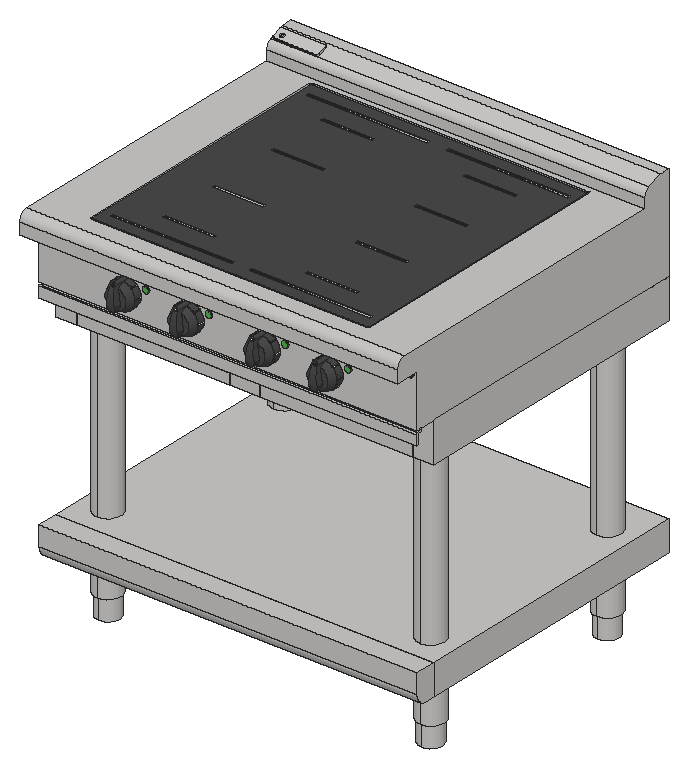
Revit family "QF_Moffat_INL8400F-LS_Induction_Cooktop_cat", category Specialty Equipment, Revit 2019
Family settings
  Round Connector Dimension = Use Diameter
  Part Type = Normal
  Work Plane-Based = No
  Always vertical = Yes
  Cut with Voids When Loaded = No
  Shared = No
  Room Calculation Point = No
Parameters (values of type "INL8400F-LS_415/60/3")
  Weight in Kilograms = 105
  Watts = 20000 W
  Volts = 415 V
  URL Cutsheet = ""
  Specification by User = ""
  Specification by Manufacturer = ""
  Show Logo [instance] = yes
  Serial Number = ""
  Seismic Rating = ""
  SMACNA No = ""
  Revision Code = ""
  Phase = 3
  Number of Poles = 1
  NAFEM Spec ID Number = ""
  Model = "INL8400F-LS"
  Min Ckt Ampacity = 0 A
  Max Overcurrent Protection = 0 A
  Masterspec = ""
  Manufacturer = "Moffat"
  Length = 900 mm
  Item Number = ""
  Installed By = ""
  Identify Quantity as Lot = yes
  Height = 970 mm
  HP = ""
  Furnished By = ""
  Foodservice Equipment Identifier = yes
  FL Amps = 28 A
  Electrical Remarks = ""
  Electric Connection Type = ""
  Elec Conn RI Height = 0 mm
  Elec Conn Connection Height = 0 mm
  Description = "Induction Cooktop"
  Depth = 805 mm
  Cycle = 60 Hz
  Conn Plug = ""
  Conn Conduit = yes
  CSI MasterFormat = ""
  Apparent Power = 16608 VA
Reference planes
  plane 1 "BACK": y = 0
  plane 2: z = 0
  plane 3 "LEFT": x = 0
  plane 4 "RIGHT": x = 900
  plane 5 "FRONT": y = -805
  plane 6 "TOP": z = 970
  plane 7 "Center Y": x = 450
  plane 8 "Center X": y = -402.5
  plane 9: x = 65.5
  plane 10: x = 834.5
  plane 11: y = -30
  plane 12: z = 150
  plane 13: y = -100
  plane 14: y = -625
  plane 15: y = -70
  plane 16: z = 915
  plane 17: x = 770
Forms (mm)
  Extrusion 1, solid, material "QF_Metal_Stainless_Polished"
    sketch origin (0, 0, 560) x (0, 1, 0) y (0, 0, 1)
      loop
        line (0, 180) -> (0, 410) -> (-24.305, 410) -> (-57.632, 395.853)
        arc (-57.632, 395.853) -> (-66.628, 388.372) -> (-70, 377.167) r 20.3
        line (-70, 377.167) -> (-70, 355) -> (-784.417, 355)
        arc (-784.417, 355) -> (-798.971, 348.971) -> (-805, 334.417) r 20.583
        line (-805, 334.417) -> (-805, 305) -> (-749, 305) -> (-749, 180) -> (0, 180)
    from 0 to 900
  Extrusion 2, void
    sketch origin (0, -784.171, 915) x (0, 1, 0) y (-1, 0, 0)
      loop
        arc (699.341, -122.382) -> (697.584, -118.139) -> (693.341, -116.382) r 6
        line (693.341, -116.382) -> (45.245, -116.382)
        arc (45.245, -116.382) -> (41.002, -118.139) -> (39.245, -122.382) r 6
        line (39.245, -122.382) -> (39.245, -777.618)
        arc (39.245, -777.618) -> (41.002, -781.861) -> (45.245, -783.618) r 6
        line (45.245, -783.618) -> (693.341, -783.618)
        arc (693.341, -783.618) -> (697.584, -781.861) -> (699.341, -777.618) r 6
        line (699.341, -777.618) -> (699.341, -122.382)
    from 0 to -9.5
  Extrusion 3, solid, material "QF_Plastic_Black_Smooth"
    sketch origin (0, -784.171, 915) x (0, 1, 0) y (-1, 0, 0)
      loop
        line (695.341, -777.618) -> (695.341, -122.382)
        arc (695.341, -122.382) -> (694.755, -120.968) -> (693.341, -120.382) r 2
        line (693.341, -120.382) -> (45.245, -120.382)
        arc (45.245, -120.382) -> (43.831, -120.968) -> (43.245, -122.382) r 2
        line (43.245, -122.382) -> (43.245, -777.618)
        arc (43.245, -777.618) -> (43.831, -779.032) -> (45.245, -779.618) r 2
        line (45.245, -779.618) -> (693.341, -779.618)
        arc (693.341, -779.618) -> (694.755, -779.032) -> (695.341, -777.618) r 2
      loop
        line (663.444, -138.924) -> (657.444, -138.924) -> (657.444, -426.076) -> (663.444, -426.076) -> (663.444, -138.924)
      loop
        line (78.838, -141.424) -> (72.838, -141.424) -> (72.838, -428.576) -> (78.838, -428.576) -> (78.838, -141.424)
      loop
        line (663.444, -761.076) -> (663.444, -473.924) -> (657.444, -473.924) -> (657.444, -761.076) -> (663.444, -761.076)
      loop
        line (78.838, -758.576) -> (78.838, -471.424) -> (72.838, -471.424) -> (72.838, -758.576) -> (78.838, -758.576)
      loop
        line (600.671, -220) -> (600.671, -340) -> (606.671, -340) -> (606.671, -220) -> (600.671, -220)
      loop
        line (454.421, -220) -> (454.421, -340) -> (460.421, -340) -> (460.421, -220) -> (454.421, -220)
      loop
        line (283.728, -340) -> (283.728, -220) -> (277.728, -220) -> (277.728, -340) -> (283.728, -340)
      loop
        line (136.404, -340) -> (136.404, -220) -> (130.404, -220) -> (130.404, -340) -> (136.404, -340)
      loop
        line (600.671, -680) -> (606.671, -680) -> (606.671, -560) -> (600.671, -560) -> (600.671, -680)
      loop
        line (454.421, -680) -> (460.421, -680) -> (460.421, -560) -> (454.421, -560) -> (454.421, -680)
      loop
        line (283.728, -560) -> (277.728, -560) -> (277.728, -680) -> (283.728, -680) -> (283.728, -560)
      loop
        line (136.404, -560) -> (130.404, -560) -> (130.404, -680) -> (136.404, -680) -> (136.404, -560)
    from 0 to -9.5
  Extrusion 4, solid, material "QF_Metal_Stainless_Polished"
    sketch origin (0, 0, 600) x (0, 1, 0) y (0, 0, 1)
      loop
        line (-739.467, 140) -> (-738.192, 134.838)
        arc (-738.192, 134.838) -> (-738.307, 134.302) -> (-738.799, 134.063) r 0.625
        line (-738.799, 134.063) -> (-746.111, 134.063)
        arc (-746.111, 134.063) -> (-748.011, 133.276) -> (-748.797, 131.377) r 2.686
        line (-748.797, 131.377) -> (-748.797, 107.627) -> (-747.197, 107.627) -> (-747.197, 131.242)
        arc (-747.197, 131.242) -> (-746.84, 132.105) -> (-745.976, 132.463) r 1.221
        line (-745.976, 132.463) -> (-738.755, 132.463)
        arc (-738.755, 132.463) -> (-737.028, 133.304) -> (-736.625, 135.182) r 2.194
        line (-736.625, 135.182) -> (-737.815, 140) -> (-739.467, 140)
    from 0 to 900
  Extrusion 5, solid, material "QF_Plastic_Black_Smooth"
    sketch origin (0, -749, 741.875) x (0, 0, 1) y (-1, 0, 0)
      loop
        circle (112.843, -13.157) r 5
      loop
        circle (112.843, -886.843) r 5
    from 0 to 1.6
  Extrusion 6, solid, material "QF_Metal_Stainless_Polished"
    sketch origin (450, -699, 645) x (0, 1, 0) y (1, 0, 0)
      loop
        circle (669, 320) r 6.35
    from 0 to 10
  Extrusion 7, solid, material "QF_Metal_Stainless_Polished"
    sketch origin (0, -699, 645) x (1, 0, 0) y (0, -1, 0)
      loop
        line (0, -699) -> (900, -699) -> (900, 0) -> (849.2, 0) -> (849.2, -25.4) -> (485.8, -25.4) -> (485.8, 0) -> (414.2, 0) -> (414.2, -25.4) -> (50.8, -25.4) -> (50.8, 0) -> (0, 0) -> (0, -699)
    from 0 to -95
  Extrusion 8, solid, material "QF_Metal_Stainless_Polished"
    sketch origin (50.8, -30, 645) x (0, 1, 0) y (0, 0, 1)
      loop
        line (-669, 0) -> (-643.6, 0) -> (-643.6, 26.45) -> (-669, 26.45) -> (-669, 0)
      loop
        line (-669, 32.45) -> (-643.6, 32.45) -> (-643.6, 66.4) -> (-669, 66.4) -> (-669, 32.45)
      loop
        line (-669, 67.4) -> (-643.6, 67.4) -> (-643.6, 95) -> (-669, 95) -> (-669, 67.4)
    from 0 to 363.4
  Extrusion 9, solid, material "QF_Metal_Stainless_Polished"
    sketch origin (900, 0, 560) x (-1, 0, 0) y (0, -1, 0)
      loop
        line (761.076, 126.726) -> (473.924, 126.726) -> (473.924, 120.726) -> (761.076, 120.726) -> (761.076, 126.726)
      loop
        line (680, 183.5) -> (560, 183.5) -> (560, 177.5) -> (680, 177.5) -> (680, 183.5)
      loop
        line (680, 329.75) -> (560, 329.75) -> (560, 323.75) -> (680, 323.75) -> (680, 329.75)
      loop
        line (680, 506.443) -> (560, 506.443) -> (560, 500.443) -> (680, 500.443) -> (680, 506.443)
      loop
        line (680, 653.766) -> (560, 653.766) -> (560, 647.766) -> (680, 647.766) -> (680, 653.766)
      loop
        line (758.576, 711.333) -> (471.424, 711.333) -> (471.424, 705.333) -> (758.576, 705.333) -> (758.576, 711.333)
      loop
        line (138.924, 126.726) -> (138.924, 120.726) -> (426.076, 120.726) -> (426.076, 126.726) -> (138.924, 126.726)
      loop
        line (220, 183.5) -> (220, 177.5) -> (340, 177.5) -> (340, 183.5) -> (220, 183.5)
      loop
        line (220, 329.75) -> (220, 323.75) -> (340, 323.75) -> (340, 329.75) -> (220, 329.75)
      loop
        line (220, 506.443) -> (220, 500.443) -> (340, 500.443) -> (340, 506.443) -> (220, 506.443)
      loop
        line (220, 653.766) -> (220, 647.766) -> (340, 647.766) -> (340, 653.766) -> (220, 653.766)
      loop
        line (141.424, 711.333) -> (141.424, 705.333) -> (428.576, 705.333) -> (428.576, 711.333) -> (141.424, 711.333)
    from 355 to 345.5
  Extrusion 10, solid, material "QF_Paint_Green"
    sketch origin (123.231, -748.999, 713.75) x (0, 0, 1) y (-1, 0, 0)
      loop
        circle (100.3, -282.5) r 7.15
    from 0 to 1.6
  Extrusion 11, solid, material "QF_Plastic_Black_Smooth"
    sketch origin (135, -748.999, 725.625) x (0, 0, 1) y (-1, 0, 0)
      loop
        circle (112.843, -225) r 5
    from 0 to 1.6
  Extrusion 12, solid, material "QF_Paint_Green"
    sketch origin (-26.769, -748.999, 713.75) x (0, 0, 1) y (-1, 0, 0)
      loop
        circle (100.3, -282.5) r 7.15
    from 0 to 1.6
  Extrusion 13, solid, material "QF_Plastic_Black_Smooth"
    sketch origin (-15, -748.999, 725.625) x (0, 0, 1) y (-1, 0, 0)
      loop
        circle (112.843, -225) r 5
    from 0 to 1.6
  Extrusion 14, solid, material "QF_Paint_Green"
    sketch origin (454.481, -748.999, 713.75) x (0, 0, 1) y (-1, 0, 0)
      loop
        circle (100.3, -282.5) r 7.15
    from 0 to 1.6
  Extrusion 15, solid, material "QF_Plastic_Black_Smooth"
    sketch origin (466.25, -748.999, 725.625) x (0, 0, 1) y (-1, 0, 0)
      loop
        circle (112.843, -225) r 5
    from 0 to 1.6
  Extrusion 16, solid, material "QF_Paint_Green"
    sketch origin (304.481, -748.999, 713.75) x (0, 0, 1) y (-1, 0, 0)
      loop
        circle (100.3, -282.5) r 7.15
    from 0 to 1.6
  Extrusion 17, solid, material "QF_Plastic_Black_Smooth"
    sketch origin (316.25, -748.999, 725.625) x (0, 0, 1) y (-1, 0, 0)
      loop
        circle (112.843, -225) r 5
    from 0 to 1.6
  Extrusion 18, solid, material "QF_Metal_Stainless_Polished"
    sketch origin (849.2, -30, 645) x (0, 1, 0) y (0, 0, -1)
      loop
        line (-669, 0) -> (-669, -26.45) -> (-643.6, -26.45) -> (-643.6, 0) -> (-669, 0)
      loop
        line (-669, -32.45) -> (-669, -66.4) -> (-643.6, -66.4) -> (-643.6, -32.45) -> (-669, -32.45)
      loop
        line (-669, -67.4) -> (-669, -95) -> (-643.6, -95) -> (-643.6, -67.4) -> (-669, -67.4)
    from 0 to 363.4
Cuts and joins
  Extrusion 2 cuts Extrusion 1
Lines and regions (mm)
  symbolic lines
    curve 1: line (0, 0, 0) -> (900, 0, 0)
    curve 2: line (0, -805, 0) -> (0, 0, 0)
    curve 3: line (900, -805, 0) -> (0, -805, 0)
    curve 4: line (900, 0, 0) -> (900, -805, 0)
    curve 5: line (0, -18.182, 0) -> (900, -18.182, 0)
    curve 6: line (0, -70, 0) -> (450, -70, 0)
    curve 7: line (122.382, -84.83, 0) -> (777.618, -84.83, 0)
    curve 8: arc (777.618, -84.83, 0) -> (781.861, -86.587, 0) -> (783.618, -90.83, 0) r 6
    curve 9: line (783.618, -90.83, 0) -> (783.618, -738.926, 0)
    curve 10: arc (783.618, -738.926, 0) -> (781.861, -743.168, 0) -> (777.618, -744.926, 0) r 6
    curve 11: line (777.618, -744.926, 0) -> (122.382, -744.926, 0)
    curve 12: arc (122.382, -744.926, 0) -> (118.139, -743.168, 0) -> (116.382, -738.926, 0) r 6
    curve 13: line (116.382, -738.926, 0) -> (116.382, -90.83, 0)
    curve 14: arc (116.382, -90.83, 0) -> (118.139, -86.587, 0) -> (122.382, -84.83, 0) r 6
    curve 15: line (777.618, -88.83, 0) -> (122.382, -88.83, 0)
    curve 16: arc (122.382, -88.83, 0) -> (120.968, -89.415, 0) -> (120.382, -90.83, 0) r 2
    curve 17: line (120.382, -90.83, 0) -> (120.382, -738.926, 0)
    curve 18: arc (120.382, -738.926, 0) -> (120.968, -740.34, 0) -> (122.382, -740.926, 0) r 2
    curve 19: line (122.382, -740.926, 0) -> (777.618, -740.926, 0)
    curve 20: arc (777.618, -740.926, 0) -> (779.032, -740.34, 0) -> (779.618, -738.926, 0) r 2
    curve 21: line (779.618, -738.926, 0) -> (779.618, -90.83, 0)
    curve 22: arc (779.618, -90.83, 0) -> (779.032, -89.415, 0) -> (777.618, -88.83, 0) r 2
    curve 23: line (783.618, -738.926, 0) -> (783.618, -90.83, 0)
    curve 24: line (779.618, -90.83, 0) -> (779.618, -738.926, 0)
    curve 25: line (138.924, -126.726, 0) -> (426.076, -126.726, 0)
    curve 26: line (426.076, -126.726, 0) -> (426.076, -120.726, 0)
    curve 27: line (426.076, -120.726, 0) -> (138.924, -120.726, 0)
    curve 28: line (138.924, -120.726, 0) -> (138.924, -126.726, 0)
    curve 29: line (220, -183.5, 0) -> (340, -183.5, 0)
    curve 30: line (340, -183.5, 0) -> (340, -177.5, 0)
    curve 31: line (340, -177.5, 0) -> (220, -177.5, 0)
    curve 32: line (220, -177.5, 0) -> (220, -183.5, 0)
    curve 33: line (220, -329.75, 0) -> (340, -329.75, 0)
    curve 34: line (340, -329.75, 0) -> (340, -323.75, 0)
    curve 35: line (340, -323.75, 0) -> (220, -323.75, 0)
    curve 36: line (220, -323.75, 0) -> (220, -329.75, 0)
    curve 37: line (220, -506.443, 0) -> (340, -506.443, 0)
    curve 38: line (340, -506.443, 0) -> (340, -500.443, 0)
    curve 39: line (340, -500.443, 0) -> (220, -500.443, 0)
    curve 40: line (220, -500.443, 0) -> (220, -506.443, 0)
    curve 41: line (220, -653.766, 0) -> (340, -653.766, 0)
    curve 42: line (340, -653.766, 0) -> (340, -647.766, 0)
    curve 43: line (340, -647.766, 0) -> (220, -647.766, 0)
    curve 44: line (220, -647.766, 0) -> (220, -653.766, 0)
    curve 45: line (141.424, -711.333, 0) -> (428.576, -711.333, 0)
    curve 46: line (428.576, -711.333, 0) -> (428.576, -705.333, 0)
    curve 47: line (428.576, -705.333, 0) -> (141.424, -705.333, 0)
    curve 48: line (141.424, -705.333, 0) -> (141.424, -711.333, 0)
    curve 49: line (471.424, -711.333, 0) -> (758.576, -711.333, 0)
    curve 50: line (758.576, -711.333, 0) -> (758.576, -705.333, 0)
    curve 51: line (758.576, -705.333, 0) -> (471.424, -705.333, 0)
    curve 52: line (471.424, -705.333, 0) -> (471.424, -711.333, 0)
    curve 53: line (680, -653.766, 0) -> (560, -653.766, 0)
    curve 54: line (560, -653.766, 0) -> (560, -647.766, 0)
    curve 55: line (560, -647.766, 0) -> (680, -647.766, 0)
    curve 56: line (680, -647.766, 0) -> (680, -653.766, 0)
    curve 57: line (560, -506.443, 0) -> (680, -506.443, 0)
    curve 58: line (680, -506.443, 0) -> (680, -500.443, 0)
    curve 59: line (680, -500.443, 0) -> (560, -500.443, 0)
    curve 60: line (560, -500.443, 0) -> (560, -506.443, 0)
    curve 61: line (560, -329.75, 0) -> (680, -329.75, 0)
    curve 62: line (680, -329.75, 0) -> (680, -323.75, 0)
    curve 63: line (680, -323.75, 0) -> (560, -323.75, 0)
    curve 64: line (560, -323.75, 0) -> (560, -329.75, 0)
    curve 65: line (680, -177.5, 0) -> (560, -177.5, 0)
    curve 66: line (560, -177.5, 0) -> (560, -183.5, 0)
    curve 67: line (560, -183.5, 0) -> (680, -183.5, 0)
    curve 68: line (680, -183.5, 0) -> (680, -177.5, 0)
    curve 69: line (473.924, -126.726, 0) -> (761.076, -126.726, 0)
    curve 70: line (761.076, -126.726, 0) -> (761.076, -120.726, 0)
    curve 71: line (761.076, -120.726, 0) -> (473.924, -120.726, 0)
    curve 72: line (473.924, -120.726, 0) -> (473.924, -126.726, 0)
    curve 73: line (0, 0, 560) -> (900, 0, 560)
    curve 74: line (0, -805, 560) -> (0, 0, 560)
    curve 75: line (900, -805, 560) -> (0, -805, 560)
    curve 76: line (900, 0, 560) -> (900, -805, 560)
    curve 77: line (0, -18.182, 560) -> (900, -18.182, 560)
    curve 78: line (0, -70, 560) -> (900, -70, 560)
    curve 79: line (122.382, -84.83, 560) -> (777.618, -84.83, 560)
    curve 80: arc (777.618, -84.83, 560) -> (781.861, -86.587, 560) -> (783.618, -90.83, 560) r 6
    curve 81: line (783.618, -90.83, 560) -> (783.618, -738.926, 560)
    curve 82: arc (783.618, -738.926, 560) -> (781.861, -743.168, 560) -> (777.618, -744.926, 560) r 6
    curve 83: line (777.618, -744.926, 560) -> (122.382, -744.926, 560)
    curve 84: arc (122.382, -744.926, 560) -> (118.139, -743.168, 560) -> (116.382, -738.926, 560) r 6
    curve 85: line (116.382, -738.926, 560) -> (116.382, -90.83, 560)
    curve 86: arc (116.382, -90.83, 560) -> (118.139, -86.587, 560) -> (122.382, -84.83, 560) r 6
    curve 87: line (777.618, -88.83, 560) -> (122.382, -88.83, 560)
    curve 88: arc (122.382, -88.83, 560) -> (120.968, -89.415, 560) -> (120.382, -90.83, 560) r 2
    curve 89: line (120.382, -90.83, 560) -> (120.382, -738.926, 560)
    curve 90: arc (120.382, -738.926, 560) -> (120.968, -740.34, 560) -> (122.382, -740.926, 560) r 2
    curve 91: line (122.382, -740.926, 560) -> (777.618, -740.926, 560)
    curve 92: arc (777.618, -740.926, 560) -> (779.032, -740.34, 560) -> (779.618, -738.926, 560) r 2
    curve 93: line (779.618, -738.926, 560) -> (779.618, -90.83, 560)
    curve 94: arc (779.618, -90.83, 560) -> (779.032, -89.415, 560) -> (777.618, -88.83, 560) r 2
    curve 95: line (783.618, -738.926, 560) -> (783.618, -90.83, 560)
    curve 96: line (779.618, -90.83, 560) -> (779.618, -738.926, 560)
    curve 97: line (138.924, -126.726, 560) -> (426.076, -126.726, 560)
    curve 98: line (426.076, -126.726, 560) -> (426.076, -120.726, 560)
    curve 99: line (426.076, -120.726, 560) -> (138.924, -120.726, 560)
    curve 100: line (138.924, -120.726, 560) -> (138.924, -126.726, 560)
    curve 101: line (220, -183.5, 560) -> (340, -183.5, 560)
    curve 102: line (340, -183.5, 560) -> (340, -177.5, 560)
    curve 103: line (340, -177.5, 560) -> (220, -177.5, 560)
    curve 104: line (220, -177.5, 560) -> (220, -183.5, 560)
    curve 105: line (220, -329.75, 560) -> (340, -329.75, 560)
    curve 106: line (340, -329.75, 560) -> (340, -323.75, 560)
    curve 107: line (340, -323.75, 560) -> (220, -323.75, 560)
    curve 108: line (220, -323.75, 560) -> (220, -329.75, 560)
    curve 109: line (220, -506.443, 560) -> (340, -506.443, 560)
    curve 110: line (340, -506.443, 560) -> (340, -500.443, 560)
    curve 111: line (340, -500.443, 560) -> (220, -500.443, 560)
    curve 112: line (220, -500.443, 560) -> (220, -506.443, 560)
    curve 113: line (220, -653.766, 560) -> (340, -653.766, 560)
    curve 114: line (340, -653.766, 560) -> (340, -647.766, 560)
    curve 115: line (340, -647.766, 560) -> (220, -647.766, 560)
    curve 116: line (220, -647.766, 560) -> (220, -653.766, 560)
    curve 117: line (141.424, -711.333, 560) -> (428.576, -711.333, 560)
    curve 118: line (428.576, -711.333, 560) -> (428.576, -705.333, 560)
    curve 119: line (428.576, -705.333, 560) -> (141.424, -705.333, 560)
    curve 120: line (141.424, -705.333, 560) -> (141.424, -711.333, 560)
    curve 121: line (471.424, -711.333, 560) -> (758.576, -711.333, 560)
    curve 122: line (758.576, -711.333, 560) -> (758.576, -705.333, 560)
    curve 123: line (758.576, -705.333, 560) -> (471.424, -705.333, 560)
    curve 124: line (471.424, -705.333, 560) -> (471.424, -711.333, 560)
    curve 125: line (680, -653.766, 560) -> (560, -653.766, 560)
    curve 126: line (560, -653.766, 560) -> (560, -647.766, 560)
    curve 127: line (560, -647.766, 560) -> (680, -647.766, 560)
    curve 128: line (680, -647.766, 560) -> (680, -653.766, 560)
    curve 129: line (560, -506.443, 560) -> (680, -506.443, 560)
    curve 130: line (680, -506.443, 560) -> (680, -500.443, 560)
    curve 131: line (680, -500.443, 560) -> (560, -500.443, 560)
    curve 132: line (560, -500.443, 560) -> (560, -506.443, 560)
    curve 133: line (560, -329.75, 560) -> (680, -329.75, 560)
    curve 134: line (680, -329.75, 560) -> (680, -323.75, 560)
    curve 135: line (680, -323.75, 560) -> (560, -323.75, 560)
    curve 136: line (560, -323.75, 560) -> (560, -329.75, 560)
    curve 137: line (680, -177.5, 560) -> (560, -177.5, 560)
    curve 138: line (560, -177.5, 560) -> (560, -183.5, 560)
    curve 139: line (560, -183.5, 560) -> (680, -183.5, 560)
    curve 140: line (680, -183.5, 560) -> (680, -177.5, 560)
    curve 141: line (473.924, -126.726, 560) -> (761.076, -126.726, 560)
    curve 142: line (761.076, -126.726, 560) -> (761.076, -120.726, 560)
    curve 143: line (761.076, -120.726, 560) -> (473.924, -120.726, 560)
    curve 144: line (473.924, -120.726, 560) -> (473.924, -126.726, 560)
Dimensions and locks
  equal spacing: plane 3 "LEFT", plane 7 "Center Y", plane 4 "RIGHT"
  "Length": plane 3 "LEFT" to plane 4 "RIGHT"
  equal spacing: plane 5 "FRONT", plane 8 "Center X", plane 1 "BACK"
  "Depth": plane 5 "FRONT" to plane 1 "BACK"
  "Height": plane 6 "TOP" to level
  plane 9 to plane 10 = 769 mm
  plane 4 "RIGHT" to plane 3 "LEFT" = 900 mm
  plane 6 "TOP" to plane 2 = 970 mm
  plane 1 "BACK" to plane 11 = 30 mm
  plane 1 "BACK" to plane 13 to plane 14 = 100 mm, 525 mm
  plane 1 "BACK" to plane 15 = 70 mm
  plane 16 to level = 915 mm  (x2)
  level to plane 12 = 150 mm
  plane 12 to level = 150 mm
  plane 4 "RIGHT" to plane 17 = 130 mm
  plane 1 "BACK" to plane 5 "FRONT" = 805 mm
  locked: plane 10 to plane 4 "RIGHT" at 65.5
  Extrusion 6 to level = 635 mm
  aligned and locked: level to plane 2
  aligned and locked: plane 7 "Center Y" to nested 1
  aligned and locked: Extrusion 18 to Extrusion 7  (x2)
  aligned and locked: plane 8 "Center X" to nested 1
Automatic sketch dimensions
  curve 8 to curve 22 = 0 mm  (x2)
  curve 10 to curve 20 = 0 mm  (x2)
  curve 12 to curve 18 = 0 mm  (x2)
  curve 14 to curve 16 = 0 mm  (x2)
  plane 1 "BACK" to curve 1 = 0 mm
  curve 1 to plane 3 "LEFT" = 0 mm
  curve 6 to plane 7 "Center Y" = 0 mm
  curve 1 to plane 4 "RIGHT" = 0 mm
  plane 5 "FRONT" to curve 3 = 0 mm
  plane 15 to curve 6 = 0 mm
  curve 13 to plane 9 = 50.882 mm
  curve 13 to curve 17 = 4 mm
  curve 17 to curve 16 = 2 mm
  curve 17 to curve 18 = 2 mm
  curve 14 to curve 25 = 16.542 mm
  curve 18 to curve 48 = 19.042 mm
  curve 40 to plane 9 = 154.5 mm
  plane 14 to curve 44 = 22.766 mm
  curve 47 to curve 44 = 78.576 mm
  curve 25 to curve 29 = 81.076 mm
  plane 8 "Center X" to curve 36 = 72.75 mm
  curve 36 to curve 29 = 0 mm
  curve 34 to plane 7 "Center Y" = 110 mm
  curve 37 to plane 7 "Center Y" = 110 mm
  plane 14 to curve 41 = 28.766 mm
  curve 41 to plane 7 "Center Y" = 110 mm
  curve 31 to plane 7 "Center Y" = 110 mm
  curve 26 to plane 7 "Center Y" = 23.924 mm
  curve 45 to plane 7 "Center Y" = 21.424 mm
  plane 7 "Center Y" to curve 52 = 21.424 mm
  plane 7 "Center Y" to curve 72 = 23.924 mm
  curve 69 to curve 67 = 86.076 mm
  plane 7 "Center Y" to curve 64 = 110 mm
  plane 7 "Center Y" to curve 60 = 110 mm
  plane 14 to curve 55 = 22.766 mm
  curve 51 to curve 55 = 88.576 mm
  plane 14 to curve 56 = 28.766 mm
  curve 56 to plane 17 = 90 mm
  curve 63 to plane 17 = 90 mm
  curve 68 to plane 17 = 90 mm
  curve 59 to plane 17 = 90 mm
  curve 51 to plane 17 = 11.424 mm
  curve 69 to plane 17 = 8.924 mm
  plane 17 to curve 10 = 7.618 mm
  plane 17 to curve 7 = 7.618 mm
  curve 8 to curve 21 = 2 mm
  curve 11 to plane 5 "FRONT" = 60.074 mm
  curve 10 to curve 50 = 27.593 mm
  curve 18 to curve 45 = 27.593 mm
  curve 45 to curve 47 = 6 mm
  curve 49 to curve 51 = 6 mm
  curve 60 to plane 8 "Center X" = 103.943 mm
  curve 40 to plane 8 "Center X" = 103.943 mm
  curve 57 to curve 59 = 6 mm
  curve 37 to curve 40 = 6 mm
  plane 8 "Center X" to curve 62 = 72.75 mm
  curve 61 to curve 64 = 6 mm
  curve 33 to curve 34 = 6 mm
  plane 13 to curve 29 = 83.5 mm
  plane 13 to curve 67 = 83.5 mm
  curve 29 to curve 31 = 6 mm
  curve 67 to curve 68 = 6 mm
  plane 13 to curve 25 = 26.726 mm
  plane 13 to curve 72 = 26.726 mm
  curve 25 to curve 28 = 6 mm
  curve 69 to curve 71 = 6 mm
  curve 21 to plane 13 = 9.17 mm
  curve 5 to plane 11 = 11.818 mm
  Extrusion 2 sketch curve to Extrusion 1 = 39.492 mm
  Extrusion 2 sketch curve to Extrusion 2 sketch curve = 6 mm  (x3)
  Extrusion 1 to Extrusion 2 sketch curve = 20.83 mm  (x2)
  Extrusion 1 to Extrusion 2 sketch curve = 116.382 mm
  Extrusion 1 to Extrusion 2 sketch curve = 122.382 mm
  Extrusion 3 sketch curve to Extrusion 1 = 43.492 mm
  Extrusion 3 sketch curve to Extrusion 3 sketch curve = 2 mm  (x3)
  Extrusion 3 sketch curve to Extrusion 1 = 73.085 mm
  Extrusion 3 sketch curve to Extrusion 3 sketch curve = 0 mm  (x5)
  Extrusion 3 sketch curve to Extrusion 3 sketch curve = 6 mm  (x12)
  Extrusion 3 sketch curve to Extrusion 3 sketch curve = 51.566 mm  (x2)
  Extrusion 3 sketch curve to Extrusion 3 sketch curve = 141.323 mm  (x2)
  Extrusion 3 sketch curve to Extrusion 3 sketch curve = 170.693 mm  (x2)
  Extrusion 1 to Extrusion 3 sketch curve = 113.5 mm  (x2)
  Extrusion 1 to Extrusion 3 sketch curve = 56.726 mm
  Extrusion 1 to Extrusion 3 sketch curve = 20.83 mm  (x2)
  Extrusion 1 to Extrusion 3 sketch curve = 120.382 mm
  Extrusion 3 sketch curve to Extrusion 3 sketch curve = 16.542 mm
  Extrusion 3 sketch curve to Extrusion 3 sketch curve = 19.042 mm  (x2)
  Extrusion 3 sketch curve to Extrusion 3 sketch curve = 81.076 mm  (x2)
  Extrusion 3 sketch curve to Extrusion 3 sketch curve = 78.576 mm  (x3)
  Extrusion 3 sketch curve to Extrusion 3 sketch curve = 120 mm  (x8)
  Extrusion 3 sketch curve to Extrusion 3 sketch curve = 86.076 mm  (x2)
  Extrusion 3 sketch curve to Extrusion 3 sketch curve = 88.576 mm  (x2)
  Extrusion 3 sketch curve to Extrusion 3 sketch curve = 42.848 mm
  Extrusion 3 sketch curve to Extrusion 3 sketch curve = 47.848 mm
  Extrusion 4 sketch curve to plane 5 "FRONT" = 56.203 mm
  Extrusion 4 sketch curve to Extrusion 4 sketch curve = 1.6 mm
  Extrusion 4 sketch curve to Extrusion 4 sketch curve = 1.086 mm
  Extrusion 4 sketch curve to Extrusion 4 sketch curve = 0.135 mm  (x2)
  Extrusion 4 sketch curve to Extrusion 4 sketch curve = 6.644 mm
  Extrusion 4 sketch curve to Extrusion 4 sketch curve = 0.668 mm
  Extrusion 4 sketch curve to Extrusion 4 sketch curve = 0.044 mm
  Extrusion 4 sketch curve to Extrusion 4 sketch curve = 0.563 mm
  Extrusion 4 sketch curve to Extrusion 4 sketch curve = 1.652 mm
  Extrusion 4 sketch curve to Extrusion 4 sketch curve = 1.567 mm
  Extrusion 4 sketch curve to plane 16 = 207.373 mm
  Extrusion 4 sketch curve to Extrusion 4 sketch curve = 23.614 mm
  Extrusion 4 sketch curve to Extrusion 4 sketch curve = 0.594 mm
  Extrusion 4 sketch curve to Extrusion 4 sketch curve = 0.032 mm
  Extrusion 4 sketch curve to Extrusion 4 sketch curve = 5.162 mm
  Extrusion 1 to Extrusion 5 sketch curve = 10.282 mm  (x2)
  Extrusion 1 to Extrusion 5 sketch curve = 13.157 mm  (x2)
  Extrusion 7 to Extrusion 6 sketch curve = 30 mm
  Extrusion 6 sketch curve to Extrusion 7 = 79.2 mm
  Extrusion 7 sketch curve to plane 3 "LEFT" = 0 mm
  Extrusion 7 sketch curve to plane 4 "RIGHT" = 0 mm
  plane 1 "BACK" to Extrusion 7 sketch curve = 0 mm
  plane 9 to Extrusion 7 sketch curve = 14.7 mm
  Extrusion 7 sketch curve to plane 7 "Center Y" = 35.8 mm
  plane 7 "Center Y" to Extrusion 7 sketch curve = 35.8 mm
  Extrusion 7 sketch curve to plane 10 = 14.7 mm
  plane 14 to Extrusion 7 sketch curve = 48.6 mm  (x2)
  Extrusion 7 sketch curve to Extrusion 7 sketch curve = 25.4 mm  (x3)
  Extrusion 8 sketch curve to Extrusion 7 = 0 mm  (x8)
  Extrusion 7 to Extrusion 8 sketch curve = 26.45 mm
  Extrusion 8 sketch curve to Extrusion 8 sketch curve = 6 mm
  Extrusion 7 to Extrusion 8 sketch curve = 28.6 mm
  Extrusion 8 sketch curve to Extrusion 8 sketch curve = 1 mm
  plane 17 to Extrusion 9 sketch curve = 8.924 mm
  plane 17 to Extrusion 9 sketch curve = 11.424 mm
  Extrusion 9 sketch curve to plane 14 = 28.766 mm  (x2)
  plane 17 to Extrusion 9 sketch curve = 90 mm  (x4)
  Extrusion 9 sketch curve to plane 7 "Center Y" = 110 mm  (x4)
  Extrusion 9 sketch curve to plane 14 = 22.766 mm
  Extrusion 9 sketch curve to plane 7 "Center Y" = 23.924 mm
  Extrusion 9 sketch curve to plane 7 "Center Y" = 21.424 mm
  plane 7 "Center Y" to Extrusion 9 sketch curve = 21.424 mm
  plane 7 "Center Y" to Extrusion 9 sketch curve = 23.924 mm
  plane 7 "Center Y" to Extrusion 9 sketch curve = 110 mm  (x2)
  Extrusion 9 sketch curve to Extrusion 9 sketch curve = 88.576 mm
  Extrusion 9 sketch curve to Extrusion 9 sketch curve = 86.076 mm
  Extrusion 9 sketch curve to Extrusion 9 sketch curve = 120 mm  (x4)
  plane 9 to Extrusion 9 sketch curve = 75.924 mm
  Extrusion 9 sketch curve to plane 13 = 20.726 mm
  plane 9 to Extrusion 9 sketch curve = 73.424 mm
  Extrusion 9 sketch curve to plane 14 = 80.333 mm  (x2)
  Extrusion 9 sketch curve to Extrusion 9 sketch curve = 6 mm  (x11)
  plane 8 "Center X" to Extrusion 9 sketch curve = 103.943 mm  (x2)
  Extrusion 9 sketch curve to plane 8 "Center X" = 72.75 mm  (x2)
  Extrusion 9 sketch curve to plane 13 = 83.5 mm  (x2)
  Extrusion 9 sketch curve to plane 13 = 26.726 mm
  Extrusion 10 sketch curve to plane 7 "Center Y" = 44.269 mm
  Extrusion 10 sketch curve to plane 16 = 100.95 mm
  Extrusion 11 sketch curve to plane 16 = 76.532 mm
  Extrusion 11 sketch curve to plane 7 "Center Y" = 90 mm
  Extrusion 12 sketch curve to plane 16 = 100.95 mm
  Extrusion 12 sketch curve to plane 9 = 190.231 mm
  Extrusion 13 sketch curve to plane 16 = 76.532 mm
  Extrusion 13 sketch curve to plane 9 = 144.5 mm
  Extrusion 14 sketch curve to plane 17 = 33.019 mm
  Extrusion 14 sketch curve to plane 16 = 100.95 mm
  Extrusion 15 sketch curve to plane 16 = 76.532 mm
  Extrusion 15 sketch curve to plane 17 = 78.75 mm
  Extrusion 16 sketch curve to plane 16 = 100.95 mm
  plane 7 "Center Y" to Extrusion 16 sketch curve = 136.981 mm
  Extrusion 17 sketch curve to plane 16 = 76.532 mm
  plane 7 "Center Y" to Extrusion 17 sketch curve = 91.25 mm
  plane 14 to Extrusion 18 sketch curve = 74 mm
  Extrusion 18 sketch curve to Extrusion 18 sketch curve = 0 mm  (x4)
  Extrusion 18 sketch curve to Extrusion 18 sketch curve = 25.4 mm
  Extrusion 18 sketch curve to plane 16 = 175 mm
  Extrusion 18 sketch curve to Extrusion 18 sketch curve = 27.6 mm
  Extrusion 18 sketch curve to Extrusion 18 sketch curve = 1 mm
  Extrusion 18 sketch curve to Extrusion 18 sketch curve = 33.95 mm
  Extrusion 18 sketch curve to Extrusion 18 sketch curve = 6 mm
  Extrusion 18 sketch curve to Extrusion 18 sketch curve = 26.45 mm
  Extrusion 1 sketch curve to plane 5 "FRONT" = 0 mm
  Extrusion 1 sketch curve to plane 16 = 0 mm
  Extrusion 1 sketch curve to plane 15 = 0 mm
  Extrusion 1 sketch curve to plane 6 "TOP" = 0 mm
  Extrusion 1 sketch curve to plane 1 "BACK" = 0 mm
  Extrusion 1 sketch curve to Extrusion 1 sketch curve = 20.583 mm
  Extrusion 1 sketch curve to plane 5 "FRONT" = 56 mm
  Extrusion 1 sketch curve to plane 6 "TOP" = 14.147 mm
  Extrusion 1 sketch curve to plane 15 = 12.368 mm
  plane 11 to Extrusion 1 sketch curve = 19.7 mm
  Extrusion 1 sketch curve to plane 11 = 5.695 mm
  Extrusion 1 sketch curve to Extrusion 1 sketch curve = 29.417 mm
  Extrusion 1 sketch curve to plane 16 = 175 mm
  curve 80 to curve 94 = 0 mm  (x2)
  curve 82 to curve 92 = 0 mm
  curve 84 to curve 90 = 0 mm  (x2)
  curve 86 to curve 88 = 0 mm  (x2)
  plane 1 "BACK" to curve 73 = 0 mm
  curve 73 to plane 3 "LEFT" = 0 mm
  curve 75 to plane 4 "RIGHT" = 0 mm
  plane 5 "FRONT" to curve 75 = 0 mm
  plane 15 to curve 78 = 0 mm
  curve 85 to plane 9 = 50.882 mm
  curve 85 to curve 89 = 4 mm
  curve 89 to curve 88 = 2 mm
  curve 89 to curve 90 = 2 mm
  curve 86 to curve 97 = 16.542 mm
  curve 90 to curve 120 = 19.042 mm
  curve 112 to plane 9 = 154.5 mm
  plane 14 to curve 116 = 22.766 mm
  curve 119 to curve 116 = 78.576 mm
  curve 97 to curve 101 = 81.076 mm
  plane 8 "Center X" to curve 108 = 72.75 mm
  curve 108 to curve 101 = 0 mm
  curve 106 to plane 7 "Center Y" = 110 mm
  curve 109 to plane 7 "Center Y" = 110 mm
  plane 14 to curve 113 = 28.766 mm
  curve 113 to plane 7 "Center Y" = 110 mm
  curve 103 to plane 7 "Center Y" = 110 mm
  curve 98 to plane 7 "Center Y" = 23.924 mm
  curve 118 to plane 7 "Center Y" = 21.424 mm
  plane 7 "Center Y" to curve 124 = 21.424 mm
  plane 7 "Center Y" to curve 144 = 23.924 mm
  curve 141 to curve 139 = 86.076 mm
  plane 7 "Center Y" to curve 136 = 110 mm
  plane 7 "Center Y" to curve 132 = 110 mm
  plane 14 to curve 127 = 22.766 mm
  curve 123 to curve 127 = 88.576 mm
  curve 135 to plane 17 = 90 mm
  curve 137 to plane 17 = 90 mm
  curve 131 to plane 17 = 90 mm
  plane 14 to curve 128 = 28.766 mm
  curve 128 to plane 17 = 90 mm
  curve 122 to plane 17 = 11.424 mm
  curve 141 to plane 17 = 8.924 mm
  plane 17 to curve 91 = 7.618 mm
  plane 17 to curve 80 = 7.618 mm
  curve 80 to curve 96 = 2 mm
  curve 83 to plane 5 "FRONT" = 60.074 mm
  curve 82 to curve 122 = 27.593 mm
  curve 90 to curve 117 = 27.593 mm
  curve 117 to curve 119 = 6 mm
  curve 121 to curve 123 = 6 mm
  curve 132 to plane 8 "Center X" = 103.943 mm
  curve 112 to plane 8 "Center X" = 103.943 mm
  curve 129 to curve 131 = 6 mm
  curve 109 to curve 112 = 6 mm
  plane 8 "Center X" to curve 134 = 72.75 mm
  curve 133 to curve 136 = 6 mm
  curve 105 to curve 106 = 6 mm
  plane 13 to curve 101 = 83.5 mm
  plane 13 to curve 139 = 83.5 mm
  curve 101 to curve 103 = 6 mm
  curve 139 to curve 140 = 6 mm
  plane 13 to curve 97 = 26.726 mm
  plane 13 to curve 144 = 26.726 mm
  curve 97 to curve 100 = 6 mm
  curve 141 to curve 143 = 6 mm
  curve 93 to plane 13 = 9.17 mm
  curve 77 to plane 11 = 11.818 mm
  radius of Extrusion 5 sketch curve = 5 mm  (x2)
  radius of Extrusion 6 sketch curve = 6.35 mm
  radius of Extrusion 10 sketch curve = 7.15 mm
  radius of Extrusion 11 sketch curve = 5 mm
  radius of Extrusion 12 sketch curve = 7.15 mm
  radius of Extrusion 13 sketch curve = 5 mm
  radius of Extrusion 14 sketch curve = 7.15 mm
  radius of Extrusion 15 sketch curve = 5 mm
  radius of Extrusion 16 sketch curve = 7.15 mm
  radius of Extrusion 17 sketch curve = 5 mm
Nested families
  nested 1: "IN8400-LS_Leg Stand" at (0, 0, 0), type "IN511F-LS"
  nested 2: "Knob" at (327.5, -739.499, 760.75), type "Knob"
  nested 3: "Knob" at (177.5, -739.499, 760.75), type "Knob"
  nested 4: "Knob" at (658.75, -739.499, 760.75), type "Knob"
  nested 5: "Knob" at (508.75, -739.499, 760.75), type "Knob"
  nested 6: "QF_LOGO_Waldorf1" at (2, -55.308, 956.84), visible <- "Show Logo", type "QF_LOGO_Waldorf 2"
Connectors
  electrical at (770, -30, 635), driven by "Volts", driven by "Watts"
    settings: on Extrusion 6, index 5, voltage 415 V, apparent load 20000 VA, apparent load phase1 0 VA, apparent load phase2 0 VA, apparent load phase3 0 VA, power factor 1, load classification "Other", number of poles 1, system type 30, power factor state 1, is connector primary yes, connector utility no, sub classification motor no, connector description "ELECTRICAL CONNECTION"
Definition of nested family "IN8400-LS_Leg Stand"
  Parameters (values of type "IN511F-LS")
    Model = ""
    Manufacturer = ""
    Description = ""
  Reference planes
    plane 1 "BACK": y = 0
    plane 2: z = 0
    plane 3 "LEFT": x = 0
    plane 4 "RIGHT": x = 900
    plane 5 "FRONT": y = -805
    plane 6 "TOP": z = 1130
    plane 7 "Center Y": x = 450
    plane 8 "Center X": y = -402.5
    plane 9: x = 65.5
    plane 10: x = 834.5
    plane 11: z = 635
    plane 12: y = -100
    plane 13: y = -625
    plane 14: z = 150
    plane 15: z = 645
  Forms (mm)
    Revolve 1, solid
      sketch origin (65.5, -4572, 255.2) x (0, 0, -1) y (0, -1, 0)
        loop
          line (255.2, -3974.5) -> (255.2, -3947) -> (-389.8, -3947) -> (-389.8, -3978.75) -> (205.2, -3978.75) -> (205.2, -3974.5) -> (255.2, -3974.5)
        axis (-389.8, -3947) -> (255.2, -3947)
      angle from 0 to 360
    Revolve 2, solid
      sketch origin (834.5, -4572, 255.2) x (0, 0, -1) y (0, 1, 0)
        loop
          line (255.2, 3974.5) -> (205.2, 3974.5) -> (205.2, 3978.75) -> (-389.8, 3978.75) -> (-389.8, 3947) -> (255.2, 3947) -> (255.2, 3974.5)
        axis (-389.8, 3947) -> (255.2, 3947)
      angle from 0 to 360
    Extrusion 3, solid
      sketch origin (0, 0, 0) x (0, 1, 0) y (0, 0, 1)
        loop
          line (-747.95, 222.5) -> (-747.95, 175)
          arc (-747.95, 175) -> (-740.628, 157.322) -> (-722.95, 150) r 25
          line (-722.95, 150) -> (-697.95, 150) -> (-697.95, 222.5) -> (-747.95, 222.5)
      from 0 to 900
    Extrusion 4, solid
      sketch origin (0, 0, 0) x (0, 1, 0) y (0, 0, 1)
        loop
          line (-697.95, 222.5) -> (-697.95, 150) -> (0, 150) -> (0, 222.5) -> (-697.95, 222.5)
      from 0 to 900
    Revolve 5, solid
      sketch origin (65.5, -4047, 255.2) x (0, 0, -1) y (0, -1, 0)
        loop
          line (255.2, -3974.5) -> (255.2, -3947) -> (-389.8, -3947) -> (-389.8, -3978.75) -> (205.2, -3978.75) -> (205.2, -3974.5) -> (255.2, -3974.5)
        axis (-389.8, -3947) -> (255.2, -3947)
      angle from 0 to 360
    Revolve 6, solid
      sketch origin (834.5, -4047, 255.2) x (0, 0, -1) y (0, 1, 0)
        loop
          line (255.2, 3974.5) -> (205.2, 3974.5) -> (205.2, 3978.75) -> (-389.8, 3978.75) -> (-389.8, 3947) -> (255.2, 3947) -> (255.2, 3974.5)
        axis (-389.8, 3947) -> (255.2, 3947)
      angle from 0 to 360
  Cuts and joins
    joined: Revolve 1, Revolve 2, Extrusion 4, Revolve 5, Revolve 6
  Dimensions and locks
    equal spacing: plane 3 "LEFT", plane 7 "Center Y", plane 4 "RIGHT"
    plane 3 "LEFT" to plane 4 "RIGHT" = 900 mm
    equal spacing: plane 5 "FRONT", plane 8 "Center X", plane 1 "BACK"
    plane 5 "FRONT" to plane 1 "BACK" = 805 mm
    plane 6 "TOP" to level = 1130 mm
    plane 9 to plane 10 = 769 mm
    plane 4 "RIGHT" to plane 3 "LEFT" = 900 mm
    plane 1 "BACK" to plane 5 "FRONT" = 805 mm
    plane 6 "TOP" to plane 2 = 1130 mm
    plane 1 "BACK" to plane 12 to plane 13 = 100 mm, 525 mm
    plane 2 to plane 11 = 635 mm
    plane 14 to plane 2 = 150 mm
    plane 10 to plane 4 "RIGHT" = 65.5 mm
    equal spacing: plane 4 "RIGHT", plane 7 "Center Y", plane 3 "LEFT"
    locked: plane 10 to plane 4 "RIGHT" at 65.5
    aligned and locked: level to plane 2
    aligned and locked: cut or joined group of Revolve 1, Revolve 2, Extrusion 4, Revolve 5, Revolve 6 to plane 15  (x2)
    aligned and locked: plane 15 to cut or joined group of Revolve 1, Revolve 2, Extrusion 4, Revolve 5, Revolve 6  (x2)
    aligned and locked: Extrusion 3 to plane 4 "RIGHT"
    aligned and locked: cut or joined group of Revolve 1, Revolve 2, Extrusion 4, Revolve 5, Revolve 6 to plane 4 "RIGHT"
    aligned and locked: plane 10 to cut or joined group of Revolve 1, Revolve 2, Extrusion 4, Revolve 5, Revolve 6  (x2)
  Automatic sketch dimensions
    Revolve 1 sketch curve to plane 13 = 0 mm  (x2)
    Revolve 1 sketch curve to level = 0 mm  (x2)
    level to Revolve 1 sketch curve = 50 mm
    Revolve 1 sketch curve to plane 11 = 10 mm
    Revolve 1 sketch curve to Revolve 1 sketch curve = 27.5 mm
    Revolve 1 sketch curve to Revolve 1 sketch curve = 31.75 mm
    Revolve 1 sketch curve to Revolve 1 sketch curve = 25 mm
    Revolve 2 sketch curve to plane 13 = 0 mm  (x2)
    Revolve 2 sketch curve to level = 0 mm  (x2)
    level to Revolve 2 sketch curve = 50 mm
    Revolve 2 sketch curve to plane 11 = 10 mm
    Revolve 2 sketch curve to plane 13 = 27.5 mm
    Revolve 2 sketch curve to Revolve 2 sketch curve = 4.25 mm
    Revolve 2 sketch curve to Revolve 2 sketch curve = 25 mm
    Extrusion 3 sketch curve to plane 14 = 0 mm
    Extrusion 3 sketch curve to plane 5 "FRONT" = 57.05 mm
    Extrusion 3 sketch curve to Extrusion 3 sketch curve = 25 mm  (x2)
    Extrusion 3 sketch curve to Extrusion 3 sketch curve = 47.5 mm
    Extrusion 4 sketch curve to plane 14 = 0 mm
    Extrusion 4 sketch curve to plane 1 "BACK" = 0 mm
    plane 13 to Extrusion 4 sketch curve = 72.95 mm
    Extrusion 4 sketch curve to Extrusion 4 sketch curve = 72.5 mm
    Revolve 5 sketch curve to plane 12 = 0 mm  (x2)
    Revolve 5 sketch curve to level = 0 mm  (x2)
    level to Revolve 5 sketch curve = 50 mm
    Revolve 5 sketch curve to plane 11 = 10 mm
    Revolve 5 sketch curve to Revolve 5 sketch curve = 27.5 mm
    Revolve 5 sketch curve to Revolve 5 sketch curve = 31.75 mm
    Revolve 5 sketch curve to Revolve 5 sketch curve = 25 mm
    Revolve 6 sketch curve to plane 12 = 0 mm  (x2)
    Revolve 6 sketch curve to level = 0 mm  (x2)
    level to Revolve 6 sketch curve = 50 mm
    Revolve 6 sketch curve to plane 11 = 10 mm
    Revolve 6 sketch curve to plane 12 = 27.5 mm
    Revolve 6 sketch curve to Revolve 6 sketch curve = 4.25 mm
    Revolve 6 sketch curve to Revolve 6 sketch curve = 25 mm
Definition of nested family "Knob"
  Parameters (values of type "Knob")
    Weight in Pounds = 0
    URL Cutsheet = ""
    Specification by User = ""
    Specification by Manufacturer = ""
    Serial Number = ""
    Seismic Rating = ""
    SMACNA No = ""
    Revision Code = ""
    NAFEM Spec ID Number = ""
    Masterspec = ""
    Length = 65 mm
    Item Number = ""
    Installed By = ""
    Identify Quantity as Lot = yes
    Height = 69.5 mm
    Furnished By = ""
    Foodservice Equipment Identifier = yes
    Depth = 59 mm
    CSI MasterFormat = ""
  Reference planes
    plane 1 "BACK": y = 0
    plane 2: z = 0
    plane 3 "LEFT": x = 0
    plane 4 "RIGHT": x = 65
    plane 5 "FRONT": y = -59
    plane 6 "TOP": z = 69.5
    plane 7 "Center Y": x = 32.5
    plane 8 "Center X": y = -29.5
  Forms (mm)
    Revolve 1, solid
      sketch origin (32.5, 175.397, 1219.2) x (0, 1, 0) y (0, 0, 1)
        loop
          line (-175.397, -1186.7) -> (-219.397, -1186.7) -> (-219.397, -1211.501) -> (-202.106, -1219.2) -> (-185.397, -1219.2) -> (-185.397, -1191.7) -> (-175.397, -1191.7) -> (-175.397, -1186.7)
        axis (-219.397, -1186.7) -> (-175.397, -1186.7)
      angle from 0 to 360
    Extrusion 2, solid
      sketch origin (32.5, 175.397, 1219.2) x (0, 1, 0) y (0, 0, 1)
        loop
          line (-202.106, -1154.2) -> (-185.397, -1154.2) -> (-185.397, -1149.7) -> (-224.105, -1149.7)
          arc (-224.105, -1149.7) -> (-233.965, -1178.467) -> (-230.696, -1208.7) r 70
          line (-230.696, -1208.7) -> (-219.397, -1208.7) -> (-219.397, -1161.899) -> (-202.106, -1154.2)
      from -15 to 15
    Extrusion 3, void
      sketch origin (0, 0, 0) x (1, 0, 0) y (0, 0, 1)
        loop
          line (27.501, 64.613) -> (22.02, 20.585)
          arc (22.02, 20.585) -> (32.792, 10.488) -> (42.986, 21.169) r 10.487
          line (42.986, 21.169) -> (37.499, 64.613)
          arc (37.499, 64.613) -> (32.5, 69.5) -> (27.501, 64.613) r 5
        loop
          line (10, 72.977) -> (10, 5.625) -> (55, 5.625) -> (55, 72.977) -> (10, 72.977)
      from 6.142 to 69.687
    Extrusion 4, solid
      sketch origin (0, -34.115, -16.916) x (1, 0, 0) y (0, 0.45399, 0.891007)
        loop
          circle (32.497, 65) r 2
      from 51.525 to 53.075
    Extrusion 5, solid
      sketch origin (32.5, -10, 32.5) x (0, 0, -1) y (-1, 0, 0)
        loop
          line (-23.54, -22.408) -> (-24.106, -22.974)
          arc (-24.106, -22.974) -> (-23.547, -23.547) -> (-22.974, -24.106) r 33.3
          line (-22.974, -24.106) -> (-22.408, -23.54)
          arc (-22.408, -23.54) -> (-22.981, -22.981) -> (-23.54, -22.408) r 32.5
        loop
          arc (-0.8, -33.29) -> (0, -33.3) -> (0.8, -33.29) r 33.3
          line (0.8, -33.29) -> (0.8, -32.49)
          arc (0.8, -32.49) -> (0, -32.5) -> (-0.8, -32.49) r 32.5
          line (-0.8, -32.49) -> (-0.8, -33.29)
        loop
          arc (23.54, -22.408) -> (22.981, -22.981) -> (22.408, -23.54) r 32.5
          line (22.408, -23.54) -> (22.974, -24.106)
          arc (22.974, -24.106) -> (23.547, -23.547) -> (24.106, -22.974) r 33.3
          line (24.106, -22.974) -> (23.54, -22.408)
        loop
          arc (-23.54, 22.408) -> (-22.981, 22.981) -> (-22.408, 23.54) r 32.5
          line (-22.408, 23.54) -> (-22.974, 24.106)
          arc (-22.974, 24.106) -> (-23.547, 23.547) -> (-24.106, 22.974) r 33.3
          line (-24.106, 22.974) -> (-23.54, 22.408)
        loop
          line (-0.8, 33.29) -> (-0.8, 32.49)
          arc (-0.8, 32.49) -> (0, 32.5) -> (0.8, 32.49) r 32.5
          line (0.8, 32.49) -> (0.8, 33.29)
          arc (0.8, 33.29) -> (0, 33.3) -> (-0.8, 33.29) r 33.3
        loop
          line (32.49, -0.8) -> (33.29, -0.8)
          arc (33.29, -0.8) -> (33.3, 0) -> (33.29, 0.8) r 33.3
          line (33.29, 0.8) -> (32.49, 0.8)
          arc (32.49, 0.8) -> (32.5, 0) -> (32.49, -0.8) r 32.5
        loop
          arc (24.106, 22.974) -> (23.547, 23.547) -> (22.974, 24.106) r 33.3
          line (22.974, 24.106) -> (22.408, 23.54)
          arc (22.408, 23.54) -> (22.981, 22.981) -> (23.54, 22.408) r 32.5
          line (23.54, 22.408) -> (24.106, 22.974)
      from 0 to -16.709
  Cuts and joins
    Extrusion 3 cuts Extrusion 2
  Dimensions and locks
    equal spacing: plane 3 "LEFT", plane 7 "Center Y", plane 4 "RIGHT"
    "Length": plane 3 "LEFT" to plane 4 "RIGHT"
    equal spacing: plane 5 "FRONT", plane 8 "Center X", plane 1 "BACK"
    "Depth": plane 5 "FRONT" to plane 1 "BACK"
    "Height": plane 6 "TOP" to level
    plane 4 "RIGHT" to plane 3 "LEFT" = 65 mm
    aligned and locked: level to plane 2
  Automatic sketch dimensions
    Revolve 1 sketch curve to level = 0 mm
    Revolve 1 sketch curve to plane 1 "BACK" = 0 mm  (x2)
    plane 1 "BACK" to Revolve 1 sketch curve = 10 mm
    plane 8 "Center X" to Revolve 1 sketch curve = 2.791 mm
    Revolve 1 sketch curve to plane 8 "Center X" = 14.5 mm
    level to Revolve 1 sketch curve = 7.699 mm
    level to Revolve 1 sketch curve = 27.5 mm
    Revolve 1 sketch curve to Revolve 1 sketch curve = 5 mm
    Revolve 1 sketch curve to Revolve 1 sketch curve = 35 mm
    Revolve 1 sketch curve to Revolve 1 sketch curve = 0 mm
    Extrusion 2 sketch curve to plane 6 "TOP" = 0 mm
    Extrusion 2 sketch curve to plane 5 "FRONT" = 3.702 mm
    Extrusion 2 sketch curve to plane 5 "FRONT" = 10.293 mm
    Extrusion 2 sketch curve to Extrusion 2 sketch curve = 11.298 mm
    plane 8 "Center X" to Extrusion 2 sketch curve = 2.791 mm
    plane 1 "BACK" to Extrusion 2 sketch curve = 10 mm
    Extrusion 2 sketch curve to plane 1 "BACK" = 11 mm
    Extrusion 2 sketch curve to plane 6 "TOP" = 4.5 mm
    Extrusion 2 sketch curve to plane 6 "TOP" = 12.199 mm
    level to Extrusion 2 sketch curve = 32.962 mm
    level to Extrusion 3 sketch curve = 5.625 mm
    Extrusion 3 sketch curve to plane 7 "Center Y" = 0 mm  (x2)
    Extrusion 3 sketch curve to plane 7 "Center Y" = 4.999 mm
    Extrusion 3 sketch curve to plane 7 "Center Y" = 10.48 mm
    plane 6 "TOP" to Extrusion 3 sketch curve = 3.477 mm
    plane 3 "LEFT" to Extrusion 3 sketch curve = 10 mm
    Extrusion 3 sketch curve to plane 6 "TOP" = 4.887 mm
    Extrusion 3 sketch curve to Extrusion 3 sketch curve = 4.999 mm
    plane 7 "Center Y" to Extrusion 3 sketch curve = 10.486 mm
    level to Extrusion 3 sketch curve = 20.585 mm
    Extrusion 3 sketch curve to Extrusion 3 sketch curve = 0.387 mm
    Extrusion 3 sketch curve to Extrusion 3 sketch curve = 0.113 mm
    plane 4 "RIGHT" to Extrusion 3 sketch curve = 10 mm
    Extrusion 5 sketch curve to Revolve 1 = 32.49 mm
    Revolve 1 to Extrusion 5 sketch curve = 32.49 mm
    Extrusion 5 sketch curve to Revolve 1 = 23.54 mm  (x2)
    Revolve 1 to Extrusion 5 sketch curve = 23.54 mm  (x2)
    Extrusion 5 sketch curve to Revolve 1 = 24.106 mm  (x2)
    Revolve 1 to Extrusion 5 sketch curve = 24.106 mm  (x2)
    Revolve 1 to Extrusion 5 sketch curve = 22.408 mm  (x2)
    Extrusion 5 sketch curve to Revolve 1 = 22.408 mm  (x2)
    Revolve 1 to Extrusion 5 sketch curve = 22.974 mm  (x2)
    Extrusion 5 sketch curve to Revolve 1 = 22.974 mm  (x2)
    Extrusion 5 sketch curve to Extrusion 5 sketch curve = 1.6 mm  (x2)
    Revolve 1 to Extrusion 5 sketch curve = 0.8 mm
    Extrusion 5 sketch curve to Revolve 1 = 0.8 mm
    Extrusion 4 sketch curve to plane 7 "Center Y" = 0.003 mm
    radius of Extrusion 5 sketch curve to Revolve 1 = 0 mm  (x7)
    radius of Revolve 1 to Extrusion 5 sketch curve = 0.8 mm  (x7)
    radius of Extrusion 4 sketch curve = 2 mm
Definition of nested family "QF_LOGO_Waldorf1"
  Parameters (values of type "QF_LOGO_Waldorf")
    Weight in Pounds = 0
    URL Cutsheet = ""
    Specification by User = ""
    Specification by Manufacturer = ""
    Serial Number = ""
    Seismic Rating = ""
    SMACNA No = ""
    Revision Code = ""
    NAFEM Spec ID Number = ""
    Masterspec = ""
    Length = 138 mm
    Item Number = ""
    Installed By = ""
    Identify Quantity as Lot = yes
    Height = 26.711 mm
    Furnished By = ""
    Foodservice Equipment Identifier = yes
    Depth = 3.175 mm
    CSI MasterFormat = ""
  Reference planes
    plane 1 "BACK": y = 0
    plane 2: z = 0
    plane 3 "LEFT": x = 0
    plane 4 "RIGHT": x = 138
    plane 5 "FRONT": y = -3.175
    plane 6 "TOP": z = 26.711
    plane 7 "Center Y": x = 69
    plane 8 "Center X": y = -1.587
  Forms (mm)
    Extrusion 1, solid
      sketch origin (0, 0, 0) x (1, 0, 0) y (0, 0.920505, 0.390731)
        loop
          line (109, 3.464) -> (109, 23.247)
          spline (109, 23.247) -> (108.966, 23.699) -> (108.864, 24.143) -> (108.696, 24.572) -> (108.464, 24.979) -> (108.173, 25.355) -> (107.828, 25.696) -> (107.435, 25.995) -> (107, 26.247) -> (106.531, 26.447) -> (106.035, 26.593) -> (105.522, 26.681) -> (105, 26.711)
          line (105, 26.711) -> (4, 26.711)
          spline (4, 26.711) -> (3.478, 26.681) -> (2.965, 26.593) -> (2.469, 26.447) -> (2, 26.247) -> (1.565, 25.995) -> (1.172, 25.696) -> (0.827, 25.355) -> (0.536, 24.979) -> (0.304, 24.572) -> (0.136, 24.143) -> (0.034, 23.699) -> (0, 23.247)
          line (0, 23.247) -> (0, 3.464)
          spline (0, 3.464) -> (0.034, 3.012) -> (0.136, 2.568) -> (0.304, 2.138) -> (0.536, 1.732) -> (0.827, 1.355) -> (1.172, 1.015) -> (1.565, 0.716) -> (2, 0.464) -> (2.469, 0.264) -> (2.965, 0.118) -> (3.478, 0.03) -> (4, 0)
          line (4, 0) -> (105, 0)
          spline (105, 0) -> (105.522, 0.03) -> (106.035, 0.118) -> (106.531, 0.264) -> (107, 0.464) -> (107.435, 0.716) -> (107.828, 1.015) -> (108.173, 1.355) -> (108.464, 1.732) -> (108.696, 2.138) -> (108.864, 2.568) -> (108.966, 3.012) -> (109, 3.464)
        loop
          line (14.75, 7.005) -> (14.75, 15.654)
          arc (14.75, 15.654) -> (10.425, 11.329) -> (14.75, 7.005) r 4.325
        loop
          line (15.25, 15.654) -> (15.25, 7.005)
          arc (15.25, 7.005) -> (19.575, 11.329) -> (15.25, 15.654) r 4.325
      from 0 to 3.2
    Extrusion 2, solid
      sketch origin (0, 0, 0) x (1, 0, 0) y (0, 0.920505, 0.390731)
        loop
          line (15.25, 15.654) -> (15.25, 7.005)
          arc (15.25, 7.005) -> (19.575, 11.329) -> (15.25, 15.654) r 4.325
      from 0 to 3.2
    Extrusion 3, solid
      sketch origin (16.271, 0, 0) x (-1, 0, 0) y (0, -0.920505, -0.390731)
        loop
          arc (1.521, -15.654) -> (5.846, -11.329) -> (1.521, -7.005) r 4.325
          line (1.521, -7.005) -> (1.521, -15.654)
      from 0 to 3.2
  Lines and regions (mm)
    Split face 1
      outline origin (0, -1.25, 2.946) x (1, 0, 0) y (0, 0.920505, 0.390731)
        loop
          spline (22.129, 16.975) -> (22.389, 15.984) -> (22.649, 15.002) -> (22.91, 14.028) -> (23.172, 13.065) -> (23.433, 12.11) -> (23.695, 11.166) -> (23.956, 10.232) -> (24.218, 9.308) -> (24.479, 8.396) -> (24.74, 7.495) -> (25, 6.605) -> (25.26, 5.728)
          line (25.26, 5.728) -> (29.463, 5.728)
          spline (29.463, 5.728) -> (29.582, 6.252) -> (29.701, 6.78) -> (29.82, 7.313) -> (29.939, 7.85) -> (30.058, 8.391) -> (30.178, 8.936) -> (30.297, 9.485) -> (30.416, 10.038) -> (30.536, 10.594) -> (30.655, 11.155) -> (30.775, 11.719) -> (30.894, 12.287)
          spline (30.894, 12.287) -> (31.018, 11.719) -> (31.142, 11.155) -> (31.266, 10.594) -> (31.39, 10.038) -> (31.514, 9.485) -> (31.638, 8.936) -> (31.762, 8.391) -> (31.885, 7.85) -> (32.009, 7.313) -> (32.133, 6.78) -> (32.256, 6.252) -> (32.379, 5.728)
          line (32.379, 5.728) -> (36.51, 5.728)
          spline (36.51, 5.728) -> (36.766, 6.605) -> (37.023, 7.495) -> (37.28, 8.396) -> (37.538, 9.308) -> (37.795, 10.232) -> (38.053, 11.166) -> (38.311, 12.11) -> (38.569, 13.065) -> (38.826, 14.028) -> (39.083, 15.002) -> (39.34, 15.984) -> (39.597, 16.975)
          line (39.597, 16.975) -> (35.637, 16.975)
          spline (35.637, 16.975) -> (35.523, 16.334) -> (35.41, 15.697) -> (35.296, 15.063) -> (35.182, 14.433) -> (35.068, 13.807) -> (34.954, 13.185) -> (34.84, 12.566) -> (34.726, 11.952) -> (34.612, 11.342) -> (34.497, 10.737) -> (34.383, 10.135) -> (34.269, 9.538)
          spline (34.269, 9.538) -> (34.138, 10.135) -> (34.008, 10.737) -> (33.877, 11.342) -> (33.746, 11.952) -> (33.616, 12.566) -> (33.485, 13.185) -> (33.354, 13.807) -> (33.224, 14.433) -> (33.093, 15.063) -> (32.963, 15.697) -> (32.833, 16.334) -> (32.703, 16.975)
          line (32.703, 16.975) -> (29.247, 16.975)
          spline (29.247, 16.975) -> (29.111, 16.334) -> (28.974, 15.697) -> (28.837, 15.063) -> (28.7, 14.433) -> (28.562, 13.807) -> (28.425, 13.185) -> (28.288, 12.566) -> (28.15, 11.952) -> (28.013, 11.342) -> (27.875, 10.737) -> (27.738, 10.135) -> (27.6, 9.538)
          spline (27.6, 9.538) -> (27.483, 10.135) -> (27.366, 10.737) -> (27.249, 11.342) -> (27.132, 11.952) -> (27.015, 12.566) -> (26.897, 13.185) -> (26.78, 13.807) -> (26.663, 14.433) -> (26.546, 15.063) -> (26.43, 15.697) -> (26.313, 16.334) -> (26.196, 16.975)
          line (26.196, 16.975) -> (22.129, 16.975)
    Split face 2
      outline origin (0, -1.25, 2.946) x (1, 0, 0) y (0, 0.920505, 0.390731)
        loop
          line (51.449, 5.728) -> (51.035, 6.606) -> (51.035, 11.169)
          spline (51.035, 11.169) -> (50.686, 12.42) -> (50.176, 13.224) -> (49.51, 13.708) -> (48.693, 13.995) -> (47.747, 14.152) -> (46.698, 14.207) -> (45.579, 14.186) -> (44.419, 14.114) -> (43.279, 13.929) -> (42.249, 13.481) -> (41.424, 12.614) -> (40.897, 11.169)
          line (40.897, 11.169) -> (44.617, 11.169) -> (44.988, 11.965)
          spline (44.988, 11.965) -> (47.294, 11.682) -> (46.856, 10.932) -> (45.527, 10.609) -> (43.858, 10.439) -> (42.259, 10.123) -> (41.078, 9.417) -> (40.563, 8.246) -> (40.689, 6.989) -> (41.407, 6.052) -> (42.774, 5.536) -> (44.847, 5.497) -> (47.306, 6.602)
          line (47.306, 6.602) -> (47.624, 5.728) -> (51.449, 5.728)
    Split face 3
      outline origin (0, -1.25, 2.946) x (1, 0, 0) y (0, 0.920505, 0.390731)
        loop
          line (47.264, 9.264) -> (44.938, 8.597)
